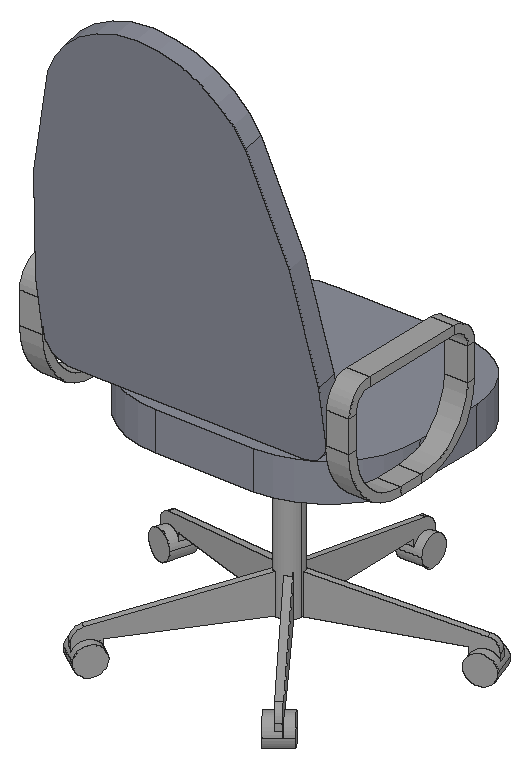
Revit family "8f3d4b756f544a99bc148464e3020cee", category Mobilier, Revit 2021
Family settings
  Basée sur le plan de construction = Non
  Toujours verticalement = Oui
  Couper avec des vides une fois chargée = Non
  Partagée = Non
  Point de calcul de pièce = Non
Parameters
  Elévation par défaut = 0 mm
  Pied - accoudoirs = Plastique - Gris foncé
  Roulettes = Plastique - Gris foncé
  Assise - dossier = Textile - Bleu
Reference planes
  plane 1 "Centre (avant/arrière)": y = 18.946
  plane 2: z = 0
  plane 3 "Centre (gauche/droite)": x = 140.991
  plane 4: x = 458.491
  plane 5: x = -176.509
  plane 6: y = -323.954
  plane 7: y = 361.846
  plane 8: z = 1066.8
  plane 9: z = 457.2
  plane 10: x = 191.791
  plane 11: x = 90.191
  plane 12: through (0, -131.752, -23.231) normal (0, -0.9848, -0.1736)
  plane 13: x = 414.041
  plane 14: x = -132.059
Forms (mm)
  Extrusion 1, solid, material "Plastique - Gris foncé" <- "Pied - accoudoirs"
    sketch origin (191.791, 0, 0) x (0, -1, 0) y (0, 0, 1)
      loop
        line (19.154, 383.784) -> (-69.746, 383.784) -> (-69.746, 371.084) -> (-18.946, 283.095) -> (19.154, 283.095) -> (19.154, 383.784)
    from 0 to 101.6
  Extrusion 2, solid, material "Plastique - Gris foncé" <- "Pied - accoudoirs"
    sketch origin (140.991, 0, 0) x (0, 1, 0) y (0, 0, 1)
      loop
        line (18.946, 53.584) -> (311.046, 53.584) -> (311.046, 28.184) -> (361.846, 28.184) -> (361.846, 52.487)
        arc (361.846, 52.487) -> (355.903, 68.813) -> (340.857, 77.501) r 25.4
        line (340.857, 77.501) -> (44.346, 129.784) -> (18.946, 129.784) -> (18.946, 53.584)
    from 6.35 to -6.35
  Extrusion 3, solid, material "Plastique - Gris foncé" <- "Roulettes"
    sketch origin (140.991, 0, 0) x (0, 1, 0) y (0, 0, 1)
      loop
        circle (336.446, 28.184) r 28.2
    from 25.4 to -25.4
  Extrusion 4, solid, material "Plastique - Gris foncé" <- "Pied - accoudoirs"
    sketch origin (159.009, 13.091, 0) x (-0.951057, 0.309017, 0) y (0, 0, 1)
      loop
        line (18.946, 53.584) -> (311.046, 53.584) -> (311.046, 28.184) -> (361.846, 28.184) -> (361.846, 52.487)
        arc (361.846, 52.487) -> (355.903, 68.813) -> (340.857, 77.501) r 25.4
        line (340.857, 77.501) -> (44.346, 129.784) -> (18.946, 129.784) -> (18.946, 53.584)
    from 6.35 to -6.35
  Extrusion 5, solid, material "Plastique - Gris foncé" <- "Roulettes"
    sketch origin (159.009, 13.091, 0) x (-0.951057, 0.309017, 0) y (0, 0, 1)
      loop
        circle (336.446, 28.184) r 28.2
    from 25.4 to -25.4
  Extrusion 6, solid, material "Plastique - Gris foncé" <- "Pied - accoudoirs"
    sketch origin (152.127, 34.273, 0) x (-0.587785, -0.809017, 0) y (0, 0, 1)
      loop
        line (18.946, 53.584) -> (311.046, 53.584) -> (311.046, 28.184) -> (361.846, 28.184) -> (361.846, 52.487)
        arc (361.846, 52.487) -> (355.903, 68.813) -> (340.857, 77.501) r 25.4
        line (340.857, 77.501) -> (44.346, 129.784) -> (18.946, 129.784) -> (18.946, 53.584)
    from 6.35 to -6.35
  Extrusion 7, solid, material "Plastique - Gris foncé" <- "Roulettes"
    sketch origin (152.127, 34.273, 0) x (-0.587785, -0.809017, 0) y (0, 0, 1)
      loop
        circle (336.446, 28.184) r 28.2
    from 25.4 to -25.4
  Extrusion 8, solid, material "Plastique - Gris foncé" <- "Pied - accoudoirs"
    sketch origin (129.855, 34.273, 0) x (0.587785, -0.809017, 0) y (0, 0, 1)
      loop
        line (18.946, 53.584) -> (311.046, 53.584) -> (311.046, 28.184) -> (361.846, 28.184) -> (361.846, 52.487)
        arc (361.846, 52.487) -> (355.903, 68.813) -> (340.857, 77.501) r 25.4
        line (340.857, 77.501) -> (44.346, 129.784) -> (18.946, 129.784) -> (18.946, 53.584)
    from 6.35 to -6.35
  Extrusion 9, solid, material "Plastique - Gris foncé" <- "Roulettes"
    sketch origin (129.855, 34.273, 0) x (0.587785, -0.809017, 0) y (0, 0, 1)
      loop
        circle (336.446, 28.184) r 28.2
    from 25.4 to -25.4
  Extrusion 10, solid, material "Plastique - Gris foncé" <- "Pied - accoudoirs"
    sketch origin (122.972, 13.091, 0) x (0.951057, 0.309017, 0) y (0, 0, 1)
      loop
        line (18.946, 53.584) -> (311.046, 53.584) -> (311.046, 28.184) -> (361.846, 28.184) -> (361.846, 52.487)
        arc (361.846, 52.487) -> (355.903, 68.813) -> (340.857, 77.501) r 25.4
        line (340.857, 77.501) -> (44.346, 129.784) -> (18.946, 129.784) -> (18.946, 53.584)
    from 6.35 to -6.35
  Extrusion 11, solid, material "Plastique - Gris foncé" <- "Roulettes"
    sketch origin (122.972, 13.091, 0) x (0.951057, 0.309017, 0) y (0, 0, 1)
      loop
        circle (336.446, 28.184) r 28.2
    from 25.4 to -25.4
  Extrusion 12, solid, material "Plastique - Gris foncé" <- "Pied - accoudoirs"
    sketch origin (0, 0, 0) x (1, 0, 0) y (0, 1, 0)
      loop
        circle (140.991, 18.946) r 25.4
    from 53.584 to 384.175
  Extrusion 13, solid, material "Textile - Bleu" <- "Assise - dossier"
    sketch origin (0, 0, 0) x (1, 0, 0) y (0, 1, 0)
      loop
        arc (20.341, 281.896) -> (-87.422, 237.259) -> (-132.059, 129.496) r 152.4
        line (-132.059, 129.496) -> (-132.059, -6.454)
        arc (-132.059, -6.454) -> (-79.983, -132.178) -> (45.741, -184.254) r 177.8
        line (45.741, -184.254) -> (236.241, -184.254)
        arc (236.241, -184.254) -> (361.964, -132.178) -> (414.041, -6.454) r 177.8
        line (414.041, -6.454) -> (414.041, 129.496)
        arc (414.041, 129.496) -> (369.404, 237.259) -> (261.641, 281.896) r 152.4
        line (261.641, 281.896) -> (20.341, 281.896)
    from 383.784 to 457.2
  Extrusion 14, solid, material "Textile - Bleu" <- "Assise - dossier"
    sketch origin (0, -131.752, -23.231) x (0, 0.173648, -0.984808) y (1, 0, 0)
      loop
        line (-534.516, -81.259) -> (-534.516, 363.241)
        arc (-534.516, 363.241) -> (-549.395, 399.162) -> (-585.316, 414.041) r 50.8
        line (-585.316, 414.041) -> (-686.916, 414.041)
        arc (-686.916, 414.041) -> (-901.118, 387.762) -> (-1109.461, 331.491) r 1524
        arc (-1109.461, 331.491) -> (-1241.95, 140.991) -> (-1109.461, -49.509) r 203.2
        arc (-1109.461, -49.509) -> (-901.118, -105.781) -> (-686.916, -132.059) r 1524
        line (-686.916, -132.059) -> (-585.316, -132.059)
        arc (-585.316, -132.059) -> (-549.395, -117.18) -> (-534.516, -81.259) r 50.8
    from 0 to -38.1
  Sweep 15, solid, material "Plastique - Gris foncé" <- "Pied - accoudoirs"
    path origin (414.041, 0, 0) x (0, 1, 0) y (0, 0, 1)
      loop
        arc (-57.254, 419.1) -> (32.548, 456.297) -> (69.746, 546.1) r 127
        line (69.746, 546.1) -> (69.746, 609.6)
        arc (69.746, 609.6) -> (54.867, 645.521) -> (18.946, 660.4) r 50.8
        line (18.946, 660.4) -> (-184.254, 660.4)
        arc (-184.254, 660.4) -> (-220.175, 645.521) -> (-235.054, 609.6) r 50.8
        line (-235.054, 609.6) -> (-235.054, 546.1)
        arc (-235.054, 546.1) -> (-197.857, 456.297) -> (-108.054, 419.1) r 127
        line (-108.054, 419.1) -> (-57.254, 419.1)
    profile origin (414.041, -82.654, 0) x (0, 0, -1) y (1, 0, 0)
      loop
        line (-420.492, 0) -> (-420.492, 44.45) -> (-436.367, 44.45) -> (-436.367, 0) -> (-420.492, 0)
  Sweep 16, solid, material "Plastique - Gris foncé" <- "Pied - accoudoirs"
    path origin (-132.059, 0, 0) x (0, 1, 0) y (0, 0, 1)
      loop
        arc (-57.254, 419.1) -> (32.548, 456.297) -> (69.746, 546.1) r 127
        line (69.746, 546.1) -> (69.746, 609.6)
        arc (69.746, 609.6) -> (54.867, 645.521) -> (18.946, 660.4) r 50.8
        line (18.946, 660.4) -> (-184.254, 660.4)
        arc (-184.254, 660.4) -> (-220.175, 645.521) -> (-235.054, 609.6) r 50.8
        line (-235.054, 609.6) -> (-235.054, 546.1)
        arc (-235.054, 546.1) -> (-197.857, 456.297) -> (-108.054, 419.1) r 127
        line (-108.054, 419.1) -> (-57.254, 419.1)
    profile origin (-678.159, -82.654, 0) x (0, 0, -1) y (1, 0, 0)
      loop
        line (-420.492, 546.1) -> (-436.367, 546.1) -> (-436.367, 501.65) -> (-420.492, 501.65) -> (-420.492, 546.1)
Dimensions and locks
  equal spacing: plane 5, plane 3 "Centre (gauche/droite)", plane 4
  plane 5 to plane 4 = 635 mm
  equal spacing: plane 6, plane 1 "Centre (avant/arrière)", plane 7
  plane 6 to plane 7 = 685.8 mm
